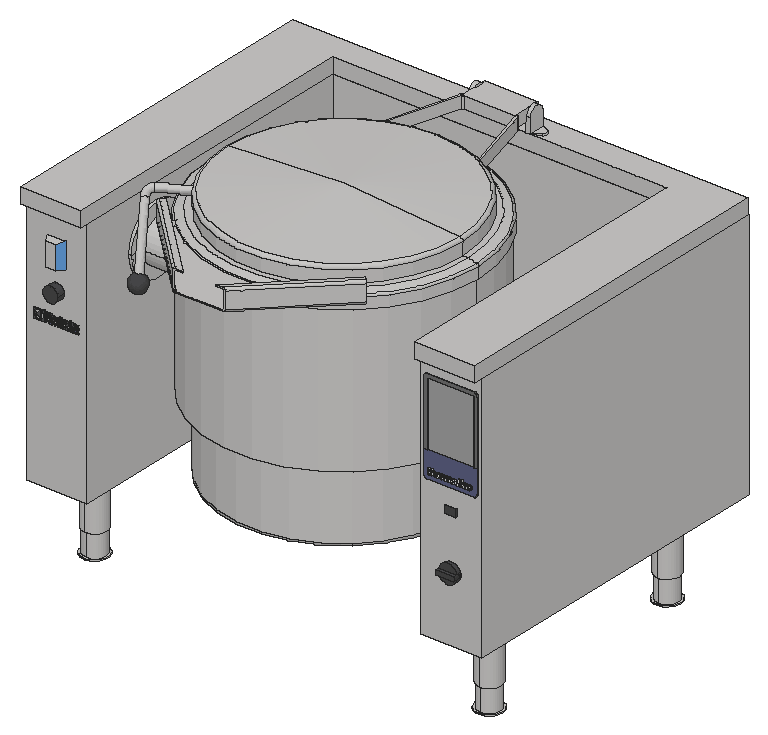
Revit family "QF_ELECTROLUXPROFESSIONAL_587102_PBOT10ECIO", category Attrezzature speciali, Revit 2020
Family settings
  Quota connettore circolare = Usa diametro
  Tipo di parte = Normale
  Basato su piano di lavoro = No
  Sempre verticale = Sì
  Taglio con vuoti quando caricato = No
  Condiviso = No
  Punto di calcolo locali = No
Parameters (values of type "Standard")
  Weight = 180.00 kg
  Watts = 18200 W
  Volts = 440 V
  URL Manufacturer = "https://www.electroluxprofessional.com/"
  URL = "https://www.electroluxprofessional.com/"
  Steam Supply Size = 0 mm
  Steam Supply Minimum Pressure = 0.0 Pa
  Steam Supply Maximum Pressure = 0.0 Pa
  Steam Consumption per Hour = 0
  Refrigeration Suction Line Size = 0.0 mm
  Refrigeration Liquid Line Size = 0.0 mm
  Refrigerant Compressor Remote = yes
  Prospetto di default = 0.0 mm
  Produttore = "Electrolux Professional"
  Phase = 3
  Modello = "PBOT10ECIO"
  Length Actual = 1200.0 mm  # constant formula
  Item Number = "587102"
  Hot Water Size = 12.7 mm
  Height Actual = 700.0 mm  # constant formula
  HP = "24.4 HP"
  Gas Size = 0 mm
  Gas KW = 0
  Gas Input Pressure = 0 W
  Direct Waste Size = 0 mm
  Descrizione = "ELECTRIC BOILING PAN,TILTING,100L,440V,FS,MARINE"
  Depth Actual = 900.0 mm  # constant formula
  Cycle = 50 Hz
  Condensate Return Size = 0 mm
  Compressed Air Volume = 0.0 L/s
  Compressed Air Size = 0 mm
  Compressed Air Pressure = 0.0 Pa
  Cold Water Size = 12.7 mm
  Accessory = yes
Reference planes
  plane 1 "Center (Front/Back)": y = 0
  plane 2: z = 0
  plane 3 "Center (Left/Right)": x = 0
  plane 4 "LEFT": x = -600
  plane 5 "RIGHT": x = 600
  plane 6 "BACK": y = 450
  plane 7 "FRONT": y = -450
  plane 8 "Base": z = 200
  plane 9 "TOP": z = 900
  plane 10: x = -440
  plane 11: x = 440
  plane 12 "Axe_PentolaY": y = -205
  plane 13 "AxePentolaZ": z = 730
  plane 14 "PLANE_TOP": z = 860
  plane 15: y = 380
  plane 16: x = -349.5
  plane 17: z = 880
  plane 18: z = 495
  plane 19: z = 280
  plane 20: x = -313.5
  plane 21: y = -610
  plane 22 "CentroPentolaY": y = -133
  plane 23 "TopCoperchio": z = 981
  plane 24 "Versamento": z = 910
  plane 25 "V1": through (-114.68, -565.5, 4000) normal (-0.7071, -0.7071, 0)
  plane 26 "V2": through (122.18, -558, 4000) normal (-0.7071, 0.7071, 0)
  plane 27 "Gfront": y = -1300
  plane 28 "LEVEL": through (-245.562, -289.383, 4000) normal (0.866, 0.5, 0)
  plane 29 "GRight": x = 250
  plane 30 "GLeft": x = -250
  plane 31 "Gback": y = -100
  plane 32: z = 1756
  plane 33 "Ribaltamento": y = -674
  plane 34: x = -520
  plane 35: x = 520
Forms (mm)
  Revolve 1, solid, material "QF_Finishes_Stainless Steel"
    sketch origin (0, 0, 730) x (-1, 0, 0) y (0, -1, 0)
      loop
        line (440, 205) -> (-440, 205) -> (-440, 115) -> (-430, 115) -> (-430, 148) -> (430, 148) -> (430, 115) -> (440, 115) -> (440, 205)
      axis (440, 205) -> (-440, 205)
    angle from 0 to 360
  Extrusion 2, solid, material "QF_Finishes_Stainless Steel"
    sketch origin (0, 0, 860) x (-1, 0, 0) y (0, -1, 0)
      loop
        line (600, 450) -> (440, 450) -> (440, -380) -> (-440, -380) -> (-440, 450) -> (-600, 450) -> (-600, -450) -> (600, -450) -> (600, 450)
    from 0 to 40
  Extrusion 3, solid, material "QF_Finishes_Stainless Steel"
    sketch origin (0, 0, 860) x (-1, 0, 0) y (0, -1, 0)
      loop
        line (440, -380) -> (-440, -380) -> (-440, -450) -> (440, -450) -> (440, -380)
    from 0 to -360
  Revolve 4, solid, material "QF_Finishes_Stainless Steel"
    sketch origin (0, -133, 0) x (-1, 0, 0) y (0, 0, 1)
      loop
        line (0, 880) -> (0, 280)
        arc (0, 280) -> (156.043, 284.842) -> (311.485, 299.356) r 2515
        arc (311.485, 299.356) -> (312.985, 302.455) -> (313.5, 305.859) r 11.5
        line (313.5, 305.859) -> (313.5, 495) -> (349.5, 495) -> (349.5, 880) -> (0, 880)
      axis (0, 880) -> (0, 280)
    angle from 0 to 360
  Revolve 5, solid, material "QF_Finishes_Stainless Steel"
    sketch origin (0, -133, 0) x (-1, 0, 0) y (0, 0, 1)
      loop
        line (354.5, 880) -> (354.5, 908.417)
        arc (354.5, 908.417) -> (353.283, 912.04) -> (350.126, 914.193) r 6
        line (350.126, 914.193) -> (329.5, 920) -> (313.5, 920) -> (313.5, 951.908)
        arc (313.5, 951.908) -> (311.001, 958.521) -> (304.753, 961.829) r 10
        arc (304.753, 961.829) -> (152.678, 976.202) -> (0, 981) r 2431.82
        line (0, 981) -> (0, 880) -> (354.5, 880)
      axis (0, 981) -> (0, 880)
    angle from 0 to 360
  Extrusion 6, solid, material "QF_Finishes_Stainless Steel"
    sketch origin (0, 0, 910) x (-1, 0, 0) y (0, -1, 0)
      loop
        line (45.557, 610) -> (-45.557, 610) -> (-263.465, 392.092) -> (-247.191, 375.819)
        arc (-247.191, 375.819) -> (0, 479.503) -> (247.191, 375.819) r 346.503
        line (247.191, 375.819) -> (263.465, 392.092) -> (45.557, 610)
    from 0 to 3
  Sweep 7, solid, material "QF_Finishes_Stainless Steel"
    path origin (0, 0, 910) x (-1, 0, 0) y (0, -1, 0)
      loop
        line (55.425, 624.755) -> (275.776, 404.404)
    profile origin (-165.6, -514.579, 910) x (-0.707107, -0.707107, 0) y (0, 0, 1)
      loop
        arc (-6, 0) -> (-1.757, 1.757) -> (0, 6) r 6
        line (0, 6) -> (0, 50)
        arc (0, 50) -> (-1.757, 54.243) -> (-6, 56) r 6
        line (-6, 56) -> (-19, 56) -> (-19, 53) -> (-6, 53)
        arc (-6, 53) -> (-3.879, 52.121) -> (-3, 50) r 3
        line (-3, 50) -> (-3, 6)
        arc (-3, 6) -> (-3.879, 3.879) -> (-6, 3) r 3
        line (-6, 3) -> (-19, 3) -> (-19, 0) -> (-6, 0)
  Sweep 8, solid, material "QF_Finishes_Stainless Steel"
    path origin (0, 0, 910) x (-1, 0, 0) y (0, -1, 0)
      loop
        line (-55.075, 625.105) -> (-275.776, 404.404)
    profile origin (165.425, -514.754, 910) x (-0.707107, 0.707107, 0) y (0, 0, 1)
      loop
        arc (0, 6) -> (1.757, 1.757) -> (6, 0) r 6
        line (6, 0) -> (19, 0) -> (19, 3) -> (6, 3)
        arc (6, 3) -> (3.879, 3.879) -> (3, 6) r 3
        line (3, 6) -> (3, 50)
        arc (3, 50) -> (3.879, 52.121) -> (6, 53) r 3
        line (6, 53) -> (19, 53) -> (19, 56) -> (6, 56)
        arc (6, 56) -> (1.757, 54.243) -> (0, 50) r 6
        line (0, 50) -> (0, 6)
  Extrusion 9, solid, material "QF_Finishes_Stainless Steel"
    sketch origin (0, 0, 0) x (0, 1, 0) y (0, 0, 1)
      loop
        line (420, 900) -> (420, 938.813)
        arc (420, 938.813) -> (400, 958.813) -> (380, 938.813) r 20
        line (380, 938.813) -> (380, 900) -> (420, 900)
    from -70 to -82
  Extrusion 10, solid, material "QF_Finishes_Stainless Steel"
    sketch origin (0, 0, 900) x (0, 1, 0) y (-1, 0, 0)
      loop
        arc (341.132, 72.4) -> (343.874, 70.425) -> (344.734, 67.158) r 5
        line (344.734, 67.158) -> (344.734, -67.158)
        arc (344.734, -67.158) -> (343.874, -70.425) -> (341.132, -72.4) r 5
        line (341.132, -72.4) -> (129.308, -133.139)
        arc (129.308, -133.139) -> (127.881, -135.914) -> (126.425, -138.673) r 294.162
        line (126.425, -138.673) -> (342.51, -77.206)
        arc (342.51, -77.206) -> (346.951, -74.535) -> (349.459, -70) r 10
        line (349.459, -70) -> (420, -70) -> (420, 70) -> (349.459, 70)
        arc (349.459, 70) -> (346.951, 74.535) -> (342.51, 77.206) r 10
        line (342.51, 77.206) -> (126.425, 138.673)
        arc (126.425, 138.673) -> (127.881, 135.914) -> (129.308, 133.139) r 294.162
        line (129.308, 133.139) -> (341.132, 72.4)
    from 23.419 to 54.644
  Extrusion 11, solid, material "QF_Finishes_Stainless Steel"
    sketch origin (0, 0, 0) x (0, 1, 0) y (0, 0, 1)
      loop
        line (420, 900) -> (420, 938.813)
        arc (420, 938.813) -> (400, 958.813) -> (380, 938.813) r 20
        line (380, 938.813) -> (380, 900) -> (420, 900)
    from 70 to 82
  Extrusion 12, solid, material "QF_Finishes_Stainless Steel"
    sketch origin (0, 0, 900) x (0, 1, 0) y (-1, 0, 0)
      loop
        arc (391.973, -103.927) -> (400, -108.689) -> (408.027, -103.927) r 9.146
        line (408.027, -103.927) -> (420, -82) -> (380, -82) -> (391.973, -103.927)
      loop
        line (391.973, 103.927) -> (380, 82) -> (420, 82) -> (408.027, 103.927)
        arc (408.027, 103.927) -> (400, 108.689) -> (391.973, 103.927) r 9.146
    from 0 to 3
  Extrusion 13, solid, material "QF_Door-Drawer Clearances", detail levels coarse
    sketch origin (0, 0, 0) x (0, 1, 0) y (0, 0, 1)
      loop
        line (-610, 916) -> (-610, 927.19)
        arc (-610, 927.19) -> (-658.178, 610.489) -> (-482.5, 342.612) r 447.893
        line (-482.5, 342.612) -> (-482.5, 880) -> (-487.5, 880) -> (-487.5, 910) -> (-605.757, 910)
        spline (-605.757, 910) -> (-606.311, 910.051) -> (-606.855, 910.204) -> (-607.381, 910.457) -> (-607.879, 910.804) -> (-608.34, 911.24) -> (-608.757, 911.757) -> (-609.123, 912.347) -> (-609.432, 913) -> (-609.677, 913.704) -> (-609.855, 914.447) -> (-609.964, 915.217) -> (-610, 916)
    from -100 to 100
  Extrusion 14, void
    sketch origin (0, 0, 910) x (-1, 0, 0) y (0, -1, 0)
      loop
        line (75, 610) -> (75, 627.601) -> (-72.504, 627.601) -> (-72.504, 610) -> (75, 610)
    from 0 to 71
  Extrusion 15, solid, material "QF_Door-Drawer Clearances", detail levels coarse
    sketch origin (0, 503.456, 621.717) x (0, 1, 0) y (0, 0, 1)
      loop
        line (-83.456, 332.927) -> (-293.85, 1134.283)
        arc (-293.85, 1134.283) -> (-817.32, 857.21) -> (-1113.456, 344.283) r 1070.86
        line (-1113.456, 344.283) -> (-899.021, 344.283)
        arc (-899.021, 344.283) -> (-633.085, 359.286) -> (-367.148, 344.283) r 2364.531
        line (-367.148, 344.283) -> (-323.456, 344.283) -> (-323.456, 332.927) -> (-83.456, 332.927)
    from -100 to 100
Cuts and joins
  Extrusion 14 cuts Extrusion 6
  Extrusion 14 cuts Sweep 7
  Extrusion 14 cuts Sweep 8
  joined: Extrusion 6, Sweep 7, Sweep 8
  Extrusion 14 cuts Extrusion 13
Lines and regions (mm)
  symbolic lines
    curve 1: line (600, 450, 900) -> (-600, 450, 900)
    curve 2: line (600, -450, 900) -> (600, 450, 900)
    curve 3: line (-600, 450, 900) -> (-600, -450, 900)
    curve 4: line (-600, -450, 900) -> (-440, -450, 900)
    curve 5: line (-440, -450, 900) -> (-440, 380, 900)
    curve 6: line (440, 380, 900) -> (440, -450, 900)
    curve 7: line (440, -450, 900) -> (600, -450, 900)
    curve 8: line (-430, -115, 900) -> (-430, -295, 900)
    curve 9: line (-430, -115, 900) -> (-440, -115, 900)
    curve 10: line (-430, -295, 900) -> (-440, -295, 900)
    curve 11: line (430, -115, 900) -> (440, -115, 900)
    curve 12: line (430, -295, 900) -> (440, -295, 900)
    curve 13: line (-70, 349.459, 900) -> (-70, 420, 900)
    curve 14: line (-82, 420, 900) -> (82, 420, 900)
    curve 15: line (70, 420, 900) -> (70, 349.459, 900)
    curve 16: line (-66.757, 345, 900) -> (66.757, 345, 900)
    curve 17: line (-70.18, -610, 900) -> (-275.776, -404.404, 900)
    curve 18: line (-275.776, -404.404, 900) -> (-249.31, -377.938, 900)
    curve 19: line (-262.341, -390.969, 900) -> (-56.745, -596.565, 900)
    curve 20: line (56.745, -596.565, 900) -> (262.341, -390.969, 900)
    curve 21: line (249.31, -377.938, 900) -> (275.776, -404.404, 900)
    curve 22: line (275.776, -404.404, 900) -> (70.18, -610, 900)
    curve 23: line (-103.927, 391.973, 900) -> (-82, 380, 900)
    curve 24: arc (-103.927, 408.027, 900) -> (-108.689, 400, 900) -> (-103.927, 391.973, 900) r 9.146
    curve 25: line (-82, 420, 900) -> (-103.927, 408.027, 900)
    curve 26: line (-82, 420, 900) -> (-82, 380, 900)
    curve 27: line (82, 380, 900) -> (82, 420, 900)
    curve 28: line (103.927, 408.027, 900) -> (82, 420, 900)
    curve 29: arc (103.927, 391.973, 900) -> (108.689, 400, 900) -> (103.927, 408.027, 900) r 9.146
    curve 30: line (82, 380, 900) -> (103.927, 391.973, 900)
    curve 36: line (-440, 380, 900) -> (-70, 380, 900)
    curve 37: line (440, 380, 900) -> (70, 380, 900)
    curve 38: line (-430, -147.761, 900) -> (-349.188, -147.761, 900)
    curve 39: line (-430, -262, 900) -> (-324.822, -262, 900)
    curve 40: line (430, -147.761, 900) -> (349.188, -147.761, 900)
    curve 60: line (430, -262, 900) -> (324.822, -262, 900)
    curve 72: arc (-296.118, -318.645, 910) -> (300.864, 44.851, 910) -> (-305.405, -302.936, 910) r 349.5
    curve 75: line (430, -295, 910) -> (430, -115, 910)
  symbolic lines, style "SpecialityEquipmentHiddenLines"
    curve 31: line (-250, -1300, 900) -> (250, -1300, 900)
    curve 32: line (-250, -100, 900) -> (-250, -1300, 900)
    curve 33: line (250, -100, 900) -> (-250, -100, 900)
    curve 34: line (250, -1300, 900) -> (250, -100, 900)
    curve 57: line (0, -1165.484, 900) -> (0, -1135.484, 900)
    curve 58: line (-15, -1150.484, 900) -> (15, -1150.484, 900)
    curve 61: arc (-72.4, 341.132, 910) -> (-70.425, 343.874, 910) -> (-67.158, 344.734, 910) r 5
    curve 62: arc (-70, 349.459, 910) -> (-74.535, 346.951, 910) -> (-77.206, 342.51, 910) r 10
    curve 63: arc (77.206, 342.51, 910) -> (74.535, 346.951, 910) -> (70, 349.459, 910) r 10
    curve 64: arc (67.158, 344.734, 910) -> (70.425, 343.874, 910) -> (72.4, 341.132, 910) r 5
    curve 70: line (-56.745, -596.565, 910) -> (-70.18, -610, 910)
    curve 71: line (56.745, -596.565, 910) -> (70.18, -610, 910)
    curve 74: line (250, -100, 910) -> (-250, -100, 910)
  symbolic lines, style "SpecialityEquipment"
    curve 35: circle (0, -1150.484, 900) r 15 normal (0, 0, 1)
    curve 41: line (210, -1300, 900) -> (210, -1100, 900)
    curve 42: line (170, -1300, 900) -> (170, -1140, 900)
    curve 43: line (130, -1300, 900) -> (130, -1180, 900)
    curve 44: line (90, -1300, 900) -> (90, -1220, 900)
    curve 45: line (90, -1260, 900) -> (250, -1260, 900)
    curve 46: line (130, -1220, 900) -> (250, -1220, 900)
    curve 47: line (170, -1180, 900) -> (250, -1180, 900)
    curve 48: line (210, -1140, 900) -> (250, -1140, 900)
    curve 49: line (-210, -1300, 900) -> (-210, -1100, 900)
    curve 50: line (-170, -1300, 900) -> (-170, -1140, 900)
    curve 51: line (-130, -1300, 900) -> (-130, -1180, 900)
    curve 52: line (-90, -1300, 900) -> (-90, -1220, 900)
    curve 53: line (-90, -1260, 900) -> (-250, -1260, 900)
    curve 54: line (-130, -1220, 900) -> (-250, -1220, 900)
    curve 55: line (-170, -1180, 900) -> (-250, -1180, 900)
    curve 56: line (-210, -1140, 900) -> (-250, -1140, 900)
    curve 59: line (-70.18, -610, 900) -> (70.18, -610, 900)
    curve 65: line (72.4, 341.132, 910) -> (133.139, 129.308, 910)
    curve 66: line (138.673, 126.425, 910) -> (77.206, 342.51, 910)
    curve 67: line (-133.139, 129.308, 910) -> (-72.4, 341.132, 910)
    curve 68: line (-77.206, 342.51, 910) -> (-138.673, 126.425, 910)
    curve 69: circle (0, -133, 910) r 294.162 normal (0, 0, -1)
    curve 73: circle (0, -133, 910) r 313.5 normal (0, 0, 1)
Dimensions and locks
  plane 4 "LEFT" to plane 5 "RIGHT" = 1200.0 mm
  equal spacing: plane 4 "LEFT", plane 3 "Center (Left/Right)", plane 5 "RIGHT"
  equal spacing: plane 6 "BACK", plane 1 "Center (Front/Back)", plane 7 "FRONT"
  plane 6 "BACK" to plane 7 "FRONT" = 900.0 mm
  plane 8 "Base" to level = 200.0 mm
  plane 9 "TOP" to level = 900.0 mm
  plane 9 "TOP" to plane 8 "Base" = 700.0 mm
  locked: plane 4 "LEFT" to plane 10 at 160
  locked: plane 11 to plane 5 "RIGHT" at 160
  locked: plane 6 "BACK" to plane 12 "Axe_PentolaY" at 655
  locked: plane 13 "AxePentolaZ" to plane 8 "Base" at 530
  locked: Revolve 1 sketch curve to Revolve 1 sketch curve at 57
  locked: Revolve 1 sketch curve to Revolve 1 sketch curve at 90
  locked: plane 10 to Revolve 1 sketch curve at 10
  locked: Revolve 1 sketch curve to plane 11 at 10
  locked: plane 9 "TOP" to plane 14 "PLANE_TOP" at 40
  plane 6 "BACK" to plane 15 = 70.0 mm
  locked: plane 17 to plane 13 "AxePentolaZ" at 150
  locked: plane 13 "AxePentolaZ" to plane 18 at 235
  locked: plane 18 to plane 19 at 215
  locked: plane 3 "Center (Left/Right)" to plane 16 at 349.5
  locked: plane 3 "Center (Left/Right)" to plane 20 at 313.5
  Revolve 5 sketch curve to plane 17 = 40.0 mm
  locked: plane 16 to Revolve 5 sketch curve at 5
  plane 6 "BACK" to plane 21 = 1060.0 mm
  locked: plane 6 "BACK" to plane 22 "CentroPentolaY" at 583
  locked: plane 23 "TopCoperchio" to plane 9 "TOP" at 81
  locked: plane 24 "Versamento" to level at 910
  plane 6 "BACK" to plane 27 "Gfront" = 1750.0 mm
  locked: plane 30 "GLeft" to plane 3 "Center (Left/Right)" at 250
  locked: plane 3 "Center (Left/Right)" to plane 29 "GRight" at 250
  plane 6 "BACK" to plane 31 "Gback" = 550.0 mm
  plane 32 to plane 9 "TOP" = 856.0 mm
  plane 6 "BACK" to plane 33 "Ribaltamento" = 1124.0 mm
  equal spacing: plane 10, plane 34, plane 4 "LEFT"
  equal spacing: plane 5 "RIGHT", plane 35, plane 11
  aligned and locked: level to plane 2
  aligned and locked: plane 5 "RIGHT" to nested 2
  aligned and locked: plane 4 "LEFT" to nested 1
  aligned and locked: plane 8 "Base" to nested 1
  aligned and locked: plane 8 "Base" to nested 2
  aligned and locked: plane 6 "BACK" to nested 2
  aligned and locked: plane 6 "BACK" to nested 1
  aligned and locked: plane 10 to Revolve 1 sketch curve
  aligned and locked: plane 11 to Revolve 1 sketch curve
  aligned and locked: plane 4 "LEFT" to Extrusion 2 sketch curve
  aligned and locked: Extrusion 2 sketch curve to plane 10
  aligned and locked: plane 7 "FRONT" to Extrusion 2 sketch curve  (x2)
  aligned and locked: Extrusion 2 sketch curve to plane 5 "RIGHT"
  aligned and locked: plane 11 to Extrusion 2 sketch curve
  aligned and locked: Extrusion 2 sketch curve to plane 6 "BACK"
  aligned and locked: plane 15 to Extrusion 2 sketch curve
  aligned and locked: Extrusion 3 sketch curve to plane 10
  aligned and locked: plane 6 "BACK" to Extrusion 3 sketch curve
  aligned and locked: plane 11 to Extrusion 3 sketch curve
  aligned and locked: Extrusion 3 sketch curve to plane 15
  aligned and locked: plane 3 "Center (Left/Right)" to Revolve 4 sketch curve
  aligned and locked: Revolve 4 sketch curve to plane 20
  aligned and locked: Revolve 4 sketch curve to plane 18
  aligned and locked: Revolve 4 sketch curve to plane 16
  aligned and locked: plane 17 to Revolve 4 sketch curve
  aligned and locked: Revolve 5 sketch curve to plane 17
  aligned and locked: Extrusion 9 sketch curve to plane 15
  aligned and locked: Extrusion 9 sketch curve to Extrusion 2
  aligned and locked: curve 31 to plane 27 "Gfront"
  aligned and locked: curve 32 to plane 30 "GLeft"
  aligned and locked: plane 29 "GRight" to curve 34
  aligned and locked: plane 31 "Gback" to curve 33
  aligned and locked: plane 34 to nested 3
  aligned and locked: plane 35 to nested 4
Automatic sketch dimensions
  plane 12 "Axe_PentolaY" to Revolve 1 sketch curve = 0.0 mm
  Revolve 1 sketch curve to plane 12 "Axe_PentolaY" = 0.0 mm
  Revolve 1 sketch curve to plane 31 "Gback" = 15.0 mm
  plane 5 "RIGHT" to Revolve 1 sketch curve = 432.098 mm
  Revolve 1 sketch curve to plane 4 "LEFT" = 580.148 mm
  Revolve 4 sketch curve to plane 3 "Center (Left/Right)" = 0.0 mm
  Revolve 4 sketch curve to plane 19 = 0.0 mm
  Revolve 4 sketch curve to plane 3 "Center (Left/Right)" = 0.059 mm
  Revolve 4 sketch curve to Revolve 4 sketch curve = 11.5 mm
  plane 19 to Revolve 4 sketch curve = 25.859 mm
  plane 32 to Revolve 4 sketch curve = 1039.0 mm
  level to Revolve 4 sketch curve = 60.0 mm
  plane 23 "TopCoperchio" to Revolve 4 sketch curve = 179.0 mm
  Extrusion 6 sketch curve to plane 21 = 0.0 mm
  Extrusion 6 sketch curve to plane 3 "Center (Left/Right)" = 0.0 mm
  Extrusion 6 sketch curve to plane 22 "CentroPentolaY" = 0.0 mm
  plane 3 "Center (Left/Right)" to Extrusion 6 sketch curve = 45.557 mm
  Extrusion 6 sketch curve to plane 29 "GRight" = 2.809 mm
  plane 29 "GRight" to Extrusion 6 sketch curve = 13.465 mm
  Extrusion 6 sketch curve to plane 3 "Center (Left/Right)" = 45.557 mm
  plane 30 "GLeft" to Extrusion 6 sketch curve = 2.809 mm
  Extrusion 6 sketch curve to plane 30 "GLeft" = 13.465 mm
  plane 7 "FRONT" to Extrusion 6 sketch curve = 74.181 mm
  plane 25 "V1" to Sweep 7 sketch curve = 0.0 mm
  Sweep 7 sketch curve to plane 25 "V1" = 0.0 mm
  Sweep 7 sketch curve to plane 21 = 14.755 mm
  Sweep 7 sketch curve to plane 30 "GLeft" = 25.776 mm
  Sweep 7 sketch curve to Sweep 7 sketch curve = 0.0 mm  (x4)
  plane 24 "Versamento" to Sweep 7 sketch curve = 0.0 mm
  Sweep 7 sketch curve to profile plane = 0.0 mm
  profile plane to Sweep 7 sketch curve = 3.0 mm
  Sweep 7 sketch curve to Sweep 7 sketch curve = 3.0 mm  (x2)
  Sweep 7 sketch curve to Sweep 7 sketch curve = 13.0 mm  (x2)
  Sweep 7 sketch curve to Sweep 7 sketch curve = 44.0 mm
  Sweep 8 sketch curve to plane 26 "V2" = 0.0 mm  (x2)
  plane 29 "GRight" to Sweep 8 sketch curve = 25.776 mm
  Sweep 8 sketch curve to plane 21 = 15.105 mm
  Sweep 8 sketch curve to Sweep 8 sketch curve = 0.0 mm  (x4)
  Sweep 8 sketch curve to profile plane = 0.0 mm
  plane 24 "Versamento" to Sweep 8 sketch curve = 0.0 mm
  Sweep 8 sketch curve to Sweep 8 sketch curve = 3.0 mm  (x2)
  Sweep 8 sketch curve to profile plane = 6.0 mm
  Sweep 8 sketch curve to Sweep 8 sketch curve = 13.0 mm  (x2)
  Sweep 8 sketch curve to Sweep 8 sketch curve = 44.0 mm
  plane 15 to Extrusion 9 sketch curve = 20.0 mm
  plane 24 "Versamento" to Extrusion 9 sketch curve = 28.813 mm
  Extrusion 10 sketch curve to Extrusion 10 sketch curve = 0.0 mm  (x6)
  Extrusion 10 sketch curve to plane 3 "Center (Left/Right)" = 0.0 mm
  Extrusion 10 sketch curve to plane 22 "CentroPentolaY" = 0.0 mm
  Extrusion 10 sketch curve to plane 1 "Center (Front/Back)" = 126.425 mm  (x2)
  Extrusion 10 sketch curve to Extrusion 10 sketch curve = 2.883 mm  (x2)
  Extrusion 10 sketch curve to plane 15 = 40.247 mm  (x2)
  Extrusion 10 sketch curve to Extrusion 10 sketch curve = 1.378 mm  (x4)
  Extrusion 10 sketch curve to Extrusion 10 sketch curve = 4.981 mm
  Extrusion 10 sketch curve to Extrusion 10 sketch curve = 4.725 mm  (x2)
  Extrusion 10 sketch curve to plane 6 "BACK" = 30.0 mm
  plane 3 "Center (Left/Right)" to Extrusion 10 sketch curve = 67.158 mm
  Extrusion 10 sketch curve to Extrusion 10 sketch curve = 0.436 mm  (x2)
  plane 3 "Center (Left/Right)" to Extrusion 10 sketch curve = 70.0 mm
  Extrusion 10 sketch curve to plane 29 "GRight" = 116.861 mm
  Extrusion 10 sketch curve to plane 3 "Center (Left/Right)" = 67.158 mm
  Extrusion 10 sketch curve to plane 3 "Center (Left/Right)" = 70.0 mm
  plane 30 "GLeft" to Extrusion 10 sketch curve = 116.861 mm
  Extrusion 11 sketch curve to plane 9 "TOP" = 0.0 mm
  Extrusion 11 sketch curve to plane 15 = 0.0 mm
  plane 15 to Extrusion 11 sketch curve = 20.0 mm
  plane 24 "Versamento" to Extrusion 11 sketch curve = 28.813 mm
  Extrusion 12 sketch curve to plane 15 = 0.0 mm  (x2)
  plane 15 to Extrusion 12 sketch curve = 11.973 mm  (x2)
  Extrusion 12 sketch curve to Extrusion 12 sketch curve = 8.027 mm  (x4)
  Extrusion 12 sketch curve to Extrusion 12 sketch curve = 11.973 mm  (x2)
  plane 3 "Center (Left/Right)" to Extrusion 12 sketch curve = 103.927 mm
  Extrusion 12 sketch curve to Extrusion 12 sketch curve = 4.383 mm  (x2)
  Extrusion 12 sketch curve to Extrusion 12 sketch curve = 21.927 mm
  Extrusion 12 sketch curve to plane 3 "Center (Left/Right)" = 82.0 mm
  Extrusion 12 sketch curve to Extrusion 12 sketch curve = 17.543 mm
  Extrusion 13 sketch curve to plane 21 = 0.0 mm
  Extrusion 13 sketch curve to plane 24 "Versamento" = 0.0 mm
  Extrusion 13 sketch curve to plane 17 = 0.0 mm
  plane 21 to Extrusion 13 sketch curve = 4.243 mm
  Extrusion 13 sketch curve to plane 7 "FRONT" = 37.5 mm
  Extrusion 13 sketch curve to Extrusion 13 sketch curve = 5.0 mm
  Extrusion 13 sketch curve to plane 12 "Axe_PentolaY" = 15.573 mm
  Extrusion 13 sketch curve to plane 13 "AxePentolaZ" = 24.067 mm
  plane 19 to Extrusion 13 sketch curve = 62.612 mm
  plane 24 "Versamento" to Extrusion 13 sketch curve = 6.0 mm
  Extrusion 14 sketch curve to plane 21 = 0.0 mm
  plane 3 "Center (Left/Right)" to Extrusion 14 sketch curve = 72.504 mm
  Extrusion 14 sketch curve to plane 21 = 17.601 mm
  Extrusion 14 sketch curve to plane 3 "Center (Left/Right)" = 75.0 mm
  Extrusion 15 sketch curve to plane 21 = 0.0 mm
  Extrusion 15 sketch curve to plane 32 = 0.0 mm
  plane 7 "FRONT" to Extrusion 15 sketch curve = 54.435 mm
  plane 22 "CentroPentolaY" to Extrusion 15 sketch curve = 3.372 mm
  Extrusion 15 sketch curve to plane 23 "TopCoperchio" = 15.0 mm
  Extrusion 15 sketch curve to plane 1 "Center (Front/Back)" = 136.308 mm
  Extrusion 15 sketch curve to Extrusion 15 sketch curve = 43.692 mm
  Extrusion 15 sketch curve to plane 6 "BACK" = 30.0 mm
  Extrusion 15 sketch curve to plane 6 "BACK" = 20.705 mm
  Extrusion 15 sketch curve to Extrusion 15 sketch curve = 11.356 mm
  Extrusion 15 sketch curve to plane 13 "AxePentolaZ" = 22.083 mm
  Extrusion 15 sketch curve to level = 1383.528 mm
  curve 61 to curve 62 = 0.0 mm  (x2)
  curve 63 to curve 64 = 0.0 mm  (x2)
  curve 69 to curve 72 = 0.0 mm  (x2)
  curve 69 to curve 73 = 0.0 mm  (x2)
  curve 72 to curve 73 = 0.0 mm  (x2)
  curve 74 to plane 29 "GRight" = 0.0 mm
  curve 71 to plane 21 = 0.0 mm
  curve 71 to plane 26 "V2" = 0.0 mm
  curve 69 to plane 3 "Center (Left/Right)" = 0.0 mm
  curve 70 to plane 21 = 0.0 mm
  plane 25 "V1" to curve 70 = 0.0 mm
  curve 74 to plane 30 "GLeft" = 0.0 mm
  curve 74 to plane 31 "Gback" = 0.0 mm
  curve 73 to plane 22 "CentroPentolaY" = 0.0 mm
  curve 66 to plane 15 = 37.49 mm
  plane 3 "Center (Left/Right)" to curve 66 = 77.206 mm
  curve 63 to curve 65 = 4.806 mm
  curve 64 to curve 64 = 4.806 mm
  curve 62 to plane 3 "Center (Left/Right)" = 67.593 mm
  curve 67 to plane 15 = 38.868 mm
  curve 61 to curve 67 = 4.806 mm
  curve 68 to plane 15 = 37.49 mm
  curve 61 to curve 68 = 4.806 mm
  curve 63 to curve 65 = 1.378 mm
  curve 67 to curve 62 = 1.378 mm
  curve 64 to curve 64 = 1.378 mm
  curve 75 to plane 11 = 10.0 mm
  curve 66 to plane 29 "GRight" = 111.327 mm
  curve 66 to curve 65 = 5.534 mm
  curve 64 to curve 63 = 2.4 mm
  curve 63 to curve 64 = 0.436 mm
  plane 21 to curve 71 = 13.435 mm
  curve 71 to curve 71 = 13.435 mm
  plane 21 to curve 70 = 13.435 mm
  curve 70 to curve 70 = 13.435 mm
  curve 61 to curve 61 = 0.436 mm
  curve 61 to curve 62 = 2.842 mm
  plane 30 "GLeft" to curve 67 = 116.861 mm
  curve 67 to curve 68 = 5.534 mm
  plane 20 to curve 72 = 17.382 mm
  plane 20 to curve 72 = 8.095 mm
  curve 67 to plane 1 "Center (Front/Back)" = 129.308 mm
  curve 75 to plane 31 "Gback" = 15.0 mm
  curve 75 to plane 12 "Axe_PentolaY" = 90.0 mm
  curve 72 to plane 12 "Axe_PentolaY" = 97.936 mm
  curve 57 to plane 3 "Center (Left/Right)" = 0.0 mm
  curve 35 to plane 3 "Center (Left/Right)" = 0.0 mm
  curve 59 to plane 21 = 0.0 mm
  curve 5 to plane 7 "FRONT" = 0.0 mm
  curve 6 to plane 7 "FRONT" = 0.0 mm
  curve 17 to plane 25 "V1" = 0.0 mm
  curve 22 to plane 26 "V2" = 0.0 mm  (x2)
  curve 12 to plane 11 = 0.0 mm
  curve 10 to plane 10 = 0.0 mm
  curve 5 to plane 15 = 0.0 mm
  curve 6 to plane 15 = 0.0 mm
  curve 2 to plane 5 "RIGHT" = 0.0 mm
  curve 2 to plane 6 "BACK" = 0.0 mm
  plane 25 "V1" to curve 59 = 0.0 mm
  curve 3 to plane 4 "LEFT" = 0.0 mm
  plane 27 "Gfront" to curve 35 = 149.516 mm
  curve 17 to plane 30 "GLeft" = 25.776 mm
  plane 29 "GRight" to curve 22 = 25.776 mm
  plane 10 to curve 8 = 10.0 mm
  curve 8 to plane 12 "Axe_PentolaY" = 90.0 mm
  curve 8 to plane 31 "Gback" = 15.0 mm
  plane 15 to curve 30 = 11.973 mm
  plane 15 to curve 23 = 11.973 mm
  curve 24 to curve 24 = 8.027 mm
  curve 29 to curve 29 = 8.027 mm
  curve 24 to curve 25 = 8.027 mm
  curve 29 to curve 28 = 8.027 mm
  curve 25 to curve 25 = 11.973 mm
  plane 3 "Center (Left/Right)" to curve 30 = 103.927 mm
  curve 28 to curve 29 = 4.383 mm
  curve 28 to curve 28 = 21.927 mm
  curve 26 to plane 3 "Center (Left/Right)" = 82.0 mm
  curve 14 to curve 24 = 17.543 mm
  curve 24 to curve 25 = 4.383 mm
  curve 31 to curve 45 = 40.0 mm
  curve 31 to curve 53 = 40.0 mm
  curve 53 to curve 52 = 40.0 mm
  curve 45 to curve 46 = 40.0 mm
  curve 54 to curve 52 = 0.0 mm
  curve 44 to curve 46 = 0.0 mm
  curve 46 to curve 43 = 40.0 mm
  curve 54 to curve 55 = 40.0 mm
  curve 43 to curve 47 = 0.0 mm
  curve 55 to curve 51 = 0.0 mm
  curve 57 to curve 35 = 15.0 mm
  curve 58 to curve 35 = 0.0 mm
  curve 47 to curve 42 = 40.0 mm
  curve 55 to curve 56 = 40.0 mm
  curve 42 to curve 48 = 0.0 mm
  curve 56 to curve 50 = 0.0 mm
  curve 56 to curve 49 = 40.0 mm
  curve 48 to curve 41 = 40.0 mm
  plane 21 to curve 20 = 13.435 mm
  plane 21 to curve 19 = 13.435 mm
  curve 19 to plane 30 "GLeft" = 12.341 mm
  plane 29 "GRight" to curve 20 = 12.341 mm
  plane 30 "GLeft" to curve 18 = 0.69 mm
  curve 21 to plane 29 "GRight" = 0.69 mm
  curve 12 to plane 11 = 10.0 mm
  curve 12 to plane 12 "Axe_PentolaY" = 90.0 mm
  curve 60 to plane 11 = 10.0 mm
  curve 12 to curve 60 = 33.0 mm
  curve 8 to curve 39 = 33.0 mm
  curve 40 to plane 22 "CentroPentolaY" = 14.761 mm
  plane 16 to curve 38 = 0.312 mm
  curve 38 to plane 22 "CentroPentolaY" = 14.761 mm
  curve 11 to plane 31 "Gback" = 15.0 mm
  curve 16 to plane 15 = 35.0 mm
  curve 16 to curve 15 = 4.459 mm
  curve 16 to curve 13 = 4.459 mm
  curve 11 to curve 11 = 10.0 mm
  curve 40 to plane 11 = 10.0 mm
  curve 40 to curve 40 = 80.812 mm
  plane 29 "GRight" to curve 60 = 74.822 mm
  curve 48 to plane 29 "GRight" = 40.0 mm
  curve 48 to curve 42 = 40.0 mm
  curve 47 to curve 43 = 40.0 mm
  curve 46 to curve 44 = 40.0 mm
  curve 14 to curve 15 = 12.0 mm
  curve 15 to curve 16 = 3.243 mm
  curve 16 to curve 23 = 15.243 mm
  curve 13 to curve 14 = 12.0 mm
  curve 53 to plane 3 "Center (Left/Right)" = 90.0 mm
  curve 52 to curve 51 = 40.0 mm
  curve 51 to curve 50 = 40.0 mm
  plane 30 "GLeft" to curve 49 = 40.0 mm
  curve 39 to plane 20 = 11.322 mm
  Revolve 5 sketch curve to plane 3 "Center (Left/Right)" = 0.0 mm  (x2)
  plane 20 to Revolve 5 sketch curve = 0.0 mm
  Revolve 5 sketch curve to plane 23 "TopCoperchio" = 0.0 mm
  Revolve 5 sketch curve to Revolve 5 sketch curve = 10.0 mm
  Revolve 5 sketch curve to plane 20 = 16.0 mm
  plane 16 to Revolve 5 sketch curve = 1.0 mm
  Revolve 5 sketch curve to plane 16 = 0.626 mm
  Revolve 5 sketch curve to level = 1450.82 mm
  Revolve 5 sketch curve to plane 24 "Versamento" = 1.583 mm
  Revolve 5 sketch curve to plane 23 "TopCoperchio" = 29.092 mm
  Revolve 5 sketch curve to plane 18 = 95.0 mm
  Revolve 5 sketch curve to Revolve 5 sketch curve = 179.0 mm
  radius of curve 73 = 313.5 mm
Nested families
  nested 1: "QF_ELECTROLUXPROFESSIONAL_PBOT900_LEFT" at (-520, 0, 0), type "QF_ELECTROLUXPROFESSIONAL_PBOT900_LEFT"
    with Body Finish QF_Finishes_Stainless Steel
  nested 2: "QF_ELECTROLUXPROFESSIONAL_PBOT900_RIGHT" at (520, 0, 0), type "QF_ELECTROLUXPROFESSIONAL_PBOT900_RIGHT"
    with Body Finish QF_Finishes_Stainless Steel
  nested 3: "QF_ELECTROLUXPROFESSIONAL_2FEET_THL_120xH200" at (-520, 0, 0), type "QF_ELECTROLUXPROFESSIONAL_2FEET_THL_120xH200"
  nested 4: "QF_ELECTROLUXPROFESSIONAL_2FEET_THL_120xH200" at (520, 0, 0), type "QF_ELECTROLUXPROFESSIONAL_2FEET_THL_120xH200"
  nested 5: "QF_ELECTROLUXPROFESSIONAL_PBOT900_LEVEL1" at (-269.073, -292.423, 940) x (0.866, 0.5, 0) z (0, 0, 1), type "QF_ELECTROLUXPROFESSIONAL_PBOT900_LEVEL1"
Connectors
  piping at (-550, 453, 395), diameter 12.7, driven by "Hot Water Size"
    settings: on nested 1, index 1, connector inside diameter 609.6 mm, connector length 0.0 mm, flow factor 0, pipe flow 0.0 L/s, pressure drop 0.0 Pa, fitting loss kfactor 0, connector angle 0.00°, fixture units 0, engagement length 0.0 mm, angle of deflection 0.00°, flow configuration 1, flow direction 1, fitting loss method 0, system type 19, joint type 0, gender type 0, connector reference index -1, connector utility 0, adjustable connector no, is connector primary yes, connector description "Hot Water Inlet"
  piping at (-490, 453, 395), diameter 12.7, driven by "Cold Water Size"
    settings: on nested 1, index 2, connector inside diameter 609.6 mm, connector length 0.0 mm, flow factor 0, pipe flow 0.0 L/s, pressure drop 0.0 Pa, fitting loss kfactor 0, connector angle 0.00°, fixture units 0, engagement length 0.0 mm, angle of deflection 0.00°, flow configuration 1, flow direction 1, fitting loss method 0, system type 20, joint type 0, gender type 0, connector reference index -1, connector utility 0, adjustable connector no, is connector primary no, connector description "Cold Water Inlet"
  electrical at (520, 450, 450), driven by "Volts"
    settings: on nested 2, index 3, voltage 440 V, apparent load 0 VA, apparent load phase1 0 VA, apparent load phase2 0 VA, apparent load phase3 0 VA, power factor 1, load classification "Other", number of poles 1, system type 30, power factor state 1, is connector primary yes, connector utility no, sub classification motor no, connector description "Electrical Connection"
Definition of nested family "QF_ELECTROLUXPROFESSIONAL_PBOT900_LEFT"
  Parameters
    Width = 160.0 mm
    Right = Width / 2  # 80.0 mm
    Default Elevation = 0.0 mm
    Left = -Width / 2  # -80.0 mm
    Htop = 40.0 mm
    Height = 900.0 mm
    HW_CW_y = 312.0 mm
    HW_CW_Border = 50.0 mm
    HBase = 200.0 mm
    Depth = 900.0 mm
    BorderFront = 20.0 mm
    Body Finish [instance] = none
  Reference planes
    plane 1 "Center (Front/Back)": y = 0
    plane 2: z = 0
    plane 3 "Center (Left/Right)": x = 0
    plane 4 "LEFT": x = -80
    plane 5 "RIGHT": x = 80
    plane 6 "BACK": y = 450
    plane 7 "FRONT": y = -450
    plane 8 "TRAYSLIDER": y = -811.8
    plane 9 "Base": z = 200
    plane 10 "TOP": z = 900
    plane 11 "BorderFront": y = -430
    plane 12: z = 860
    plane 13 "HW_CW": y = 138
    plane 14: x = -30
    plane 15: x = 30
  Forms (mm)
    Extrusion 1, solid
      sketch origin (0, 0, 0) x (1, 0, 0) y (0, 1, 0)
        loop
          line (-80, 450) -> (-80, -430) -> (80, -430) -> (80, 450) -> (-80, 450)
      from 860 to 200
    Extrusion 2, solid
      sketch origin (-1.5, -430, 0) x (-1, 0, 0) y (0, 0, 1)
        loop
          circle (-1.5, 673.484) r 20
      from 0 to -20
    Extrusion 3, solid, material <- "Body Finish"
      sketch origin (0, 450, 0) x (-1, 0, 0) y (0, 0, 1)
        loop
          circle (30, 395) r 6.35
        loop
          circle (-30, 395) r 6.35
      from 3 to 0
    Blend 4, solid, material <- "Body Finish"
      base sketch origin (0, -430, -0.233) x (-1, 0, 0) y (0, 0, 1)
        loop
          line (23.5, 800.233) -> (-23.5, 800.233) -> (-23.5, 733.433) -> (23.5, 733.433) -> (23.5, 800.233)
      top sketch origin (0, -430, -0.233) x (-1, 0, 0) y (0, 0, 1)
        loop
          line (13.448, 797.45) -> (-13.448, 797.45) -> (-13.448, 736.216) -> (13.448, 736.216) -> (13.448, 797.45)
      from 0 to -20
    Extrusion 5, solid
      sketch origin (-12.54, -430, 23) x (-1, 0, 0) y (0, 0, 1)
        loop
          line (5.327, 593.058) -> (5.327, 590.846) -> (11.437, 590.846) -> (11.437, 587.616) -> (5.692, 587.616) -> (5.692, 585.398) -> (11.437, 585.398) -> (11.437, 583.444)
          arc (11.437, 583.444) -> (10.839, 582.088) -> (9.435, 581.614) r 1.838
          line (9.435, 581.614) -> (5.163, 581.614) -> (5.163, 579.403) -> (9.986, 579.403)
          arc (9.986, 579.403) -> (12.674, 580.517) -> (13.788, 583.205) r 3.802
          line (13.788, 583.205) -> (13.788, 593.058) -> (5.327, 593.058)
        loop
          line (3.492, 593.058) -> (1.141, 593.058) -> (1.141, 579.403) -> (3.492, 579.403) -> (3.492, 593.058)
        loop
          line (-47.588, 593.058) -> (-49.941, 593.058) -> (-49.941, 579.403) -> (-47.588, 579.403) -> (-47.588, 593.058)
        loop
          arc (-2.749, 583.764) -> (-3.194, 582.272) -> (-4.489, 581.409) r 2.29
          arc (-4.489, 581.409) -> (-6.614, 581.225) -> (-8.443, 582.322) r 3.458
          line (-8.443, 582.322) -> (-9.836, 580.928)
          arc (-9.836, 580.928) -> (-7.685, 579.48) -> (-5.119, 579.102) r 5.86
          arc (-5.119, 579.102) -> (-1.823, 580.467) -> (-0.457, 583.764) r 4.662
          arc (-0.457, 583.764) -> (-1.495, 587.706) -> (-5.131, 589.55) r 4.976
          arc (-5.131, 589.55) -> (-9.259, 588.004) -> (-10.466, 583.764) r 4.89
          line (-10.466, 583.764) -> (-2.749, 583.764)
        loop
          arc (-2.808, 585.417) -> (-3.843, 587.066) -> (-5.727, 587.557) r 2.64
          arc (-5.727, 587.557) -> (-7.36, 586.981) -> (-8.104, 585.417) r 2.256
          line (-8.104, 585.417) -> (-2.808, 585.417)
        loop
          arc (-19.634, 586.402) -> (-17.741, 587.437) -> (-15.609, 587.112) r 3.369
          arc (-15.609, 587.112) -> (-14.276, 585.699) -> (-14.118, 583.764) r 2.933
          arc (-14.118, 583.764) -> (-16.389, 581.316) -> (-19.559, 582.365) r 3.088
          line (-19.559, 582.365) -> (-21.028, 580.896)
          arc (-21.028, 580.896) -> (-14.811, 579.611) -> (-11.775, 585.186) r 5.33
          arc (-11.775, 585.186) -> (-13.576, 588.365) -> (-17.009, 589.62) r 5.293
          arc (-17.009, 589.62) -> (-19.259, 589.219) -> (-21.111, 587.878) r 5.117
          line (-21.111, 587.878) -> (-19.634, 586.402)
        loop
          line (-22.556, 593.058) -> (-24.908, 593.058) -> (-24.908, 589.279) -> (-27.044, 589.279) -> (-27.044, 587.143) -> (-24.908, 587.143) -> (-24.908, 583.764)
          arc (-24.908, 583.764) -> (-25.11, 582.682) -> (-25.866, 581.883) r 1.949
          arc (-25.866, 581.883) -> (-26.455, 581.649) -> (-27.088, 581.601) r 2.118
          line (-27.088, 581.601) -> (-27.088, 579.397)
          arc (-27.088, 579.397) -> (-24.962, 579.678) -> (-23.283, 581.013) r 4.018
          arc (-23.283, 581.013) -> (-22.759, 582.327) -> (-22.556, 583.727) r 6.031
          line (-22.556, 583.727) -> (-22.556, 593.058)
        loop
          line (-31.355, 584.595) -> (-31.355, 579.403) -> (-29.023, 579.403) -> (-29.023, 589.279) -> (-31.355, 589.279) -> (-31.355, 587.855)
          arc (-31.355, 587.855) -> (-32.932, 589.208) -> (-35.001, 589.403) r 3.432
          line (-35.001, 589.403) -> (-35.001, 587.143)
          arc (-35.001, 587.143) -> (-33.417, 587.175) -> (-32.009, 586.452) r 3.231
          arc (-32.009, 586.452) -> (-31.523, 585.579) -> (-31.355, 584.595) r 2.967
        loop
          circle (-40.752, 584.339) r 5.233
        loop
          circle (-40.752, 584.339) r 3.172
        loop
          line (-58.424, 583.516) -> (-58.424, 589.279) -> (-60.794, 589.279) -> (-60.794, 583.417)
          arc (-60.794, 583.417) -> (-59.481, 580.276) -> (-56.268, 579.153) r 4.181
          arc (-56.268, 579.153) -> (-53.09, 580.243) -> (-51.74, 583.32) r 4.181
          line (-51.74, 583.32) -> (-51.74, 589.279) -> (-54.111, 589.279) -> (-54.111, 583.516)
          arc (-54.111, 583.516) -> (-54.692, 581.919) -> (-56.268, 581.283) r 2.088
          arc (-56.268, 581.283) -> (-57.843, 581.919) -> (-58.424, 583.516) r 2.088
        loop
          line (-62.216, 589.279) -> (-64.76, 589.279) -> (-66.89, 586.347) -> (-69.053, 589.279) -> (-71.621, 589.279) -> (-68.238, 584.695) -> (-71.937, 579.4) -> (-69.425, 579.4) -> (-66.898, 582.879) -> (-64.408, 579.4) -> (-61.879, 579.4) -> (-65.631, 584.642) -> (-62.216, 589.279)
        loop
          arc (12.465, 573.743) -> (10.91, 572.325) -> (12.18, 570.647) r 1.561
          line (12.18, 570.647) -> (13.314, 570.647) -> (13.314, 569.021) -> (14.34, 569.021) -> (14.34, 573.743) -> (12.465, 573.743)
        loop
          line (12.224, 571.575) -> (13.314, 571.575) -> (13.314, 572.789) -> (12.224, 572.789)
          arc (12.224, 572.789) -> (11.836, 572.182) -> (12.224, 571.575) r 0.668
        loop
          arc (5.055, 573.743) -> (3.966, 573.299) -> (3.497, 572.221) r 1.559
          arc (3.497, 572.221) -> (3.646, 571.544) -> (4.091, 571.012) r 1.458
          line (4.091, 571.012) -> (3.163, 569.021) -> (4.265, 569.021) -> (4.944, 570.647) -> (5.937, 570.647) -> (5.937, 569.021) -> (6.963, 569.021) -> (6.963, 573.743) -> (5.055, 573.743)
        loop
          line (5.937, 572.789) -> (4.847, 572.789)
          arc (4.847, 572.789) -> (4.459, 572.182) -> (4.847, 571.575) r 0.668
          line (4.847, 571.575) -> (5.937, 571.575) -> (5.937, 572.789)
        loop
          circle (-2.866, 571.382) r 2.453
        loop
          circle (-2.866, 571.382) r 1.557
        loop
          line (-9.35, 573.743) -> (-12.299, 573.743) -> (-12.299, 572.725) -> (-10.352, 572.725) -> (-10.352, 571.729) -> (-12.129, 571.729) -> (-12.129, 570.671) -> (-10.352, 570.671) -> (-10.352, 569.021) -> (-9.35, 569.021) -> (-9.35, 573.743)
        loop
          line (-16.282, 573.743) -> (-19.27, 573.743) -> (-19.27, 572.851) -> (-17.252, 572.851) -> (-17.252, 571.921) -> (-19.139, 571.921) -> (-19.139, 571.029) -> (-17.252, 571.029)
          arc (-17.252, 571.029) -> (-17.355, 570.353) -> (-17.883, 569.916) r 0.961
          line (-17.883, 569.916) -> (-19.316, 569.916) -> (-19.316, 569.024) -> (-17.792, 569.024)
          arc (-17.792, 569.024) -> (-16.717, 569.474) -> (-16.282, 570.555) r 1.51
          line (-16.282, 570.555) -> (-16.282, 573.743)
        loop
          line (-33.381, 573.145) -> (-32.842, 572.436)
          arc (-32.842, 572.436) -> (-32.43, 572.802) -> (-31.895, 572.931) r 1.135
          arc (-31.895, 572.931) -> (-31.448, 572.574) -> (-31.757, 572.093) r 0.427
          arc (-31.757, 572.093) -> (-32.293, 571.892) -> (-32.815, 571.659) r 9.371
          arc (-32.815, 571.659) -> (-33.228, 571.39) -> (-33.551, 571.017) r 1.779
          arc (-33.551, 571.017) -> (-33.7, 570.209) -> (-33.41, 569.439) r 1.535
          arc (-33.41, 569.439) -> (-32.755, 569.091) -> (-32.028, 568.946) r 2.556
          arc (-32.028, 568.946) -> (-31.439, 569.005) -> (-30.895, 569.238) r 1.957
          arc (-30.895, 569.238) -> (-30.416, 569.671) -> (-30.118, 570.245) r 1.815
          line (-30.118, 570.245) -> (-30.944, 570.63)
          arc (-30.944, 570.63) -> (-31.179, 570.219) -> (-31.563, 569.943) r 1.118
          arc (-31.563, 569.943) -> (-32.007, 569.83) -> (-32.453, 569.935) r 0.963
          arc (-32.453, 569.935) -> (-32.693, 570.417) -> (-32.345, 570.828) r 0.489
          arc (-32.345, 570.828) -> (-31.793, 571.095) -> (-31.211, 571.289) r 4.78
          arc (-31.211, 571.289) -> (-30.52, 572.116) -> (-30.631, 573.188) r 1.385
          arc (-30.631, 573.188) -> (-31.232, 573.642) -> (-31.964, 573.821) r 1.872
          arc (-31.964, 573.821) -> (-32.756, 573.658) -> (-33.381, 573.145) r 1.69
        loop
          line (-37.714, 573.743) -> (-38.684, 573.743) -> (-38.684, 569.024) -> (-37.714, 569.024) -> (-37.714, 573.743)
        loop
          circle (-45.226, 571.384) r 1.468
        loop
          circle (-45.226, 571.384) r 2.451
        loop
          line (-51.736, 569.024) -> (-51.736, 573.743) -> (-52.679, 573.743) -> (-54.838, 570.686) -> (-54.838, 573.743) -> (-55.818, 573.743) -> (-55.818, 569.024) -> (-54.875, 569.024) -> (-52.716, 571.991) -> (-52.716, 569.024) -> (-51.736, 569.024)
        loop
          line (-60.71, 569.024) -> (-59.668, 569.024) -> (-61.514, 573.743) -> (-62.424, 573.743) -> (-64.417, 569.024) -> (-63.375, 569.024) -> (-62.915, 570.042) -> (-61.17, 570.042) -> (-60.71, 569.024)
        loop
          line (-62.48, 571.01) -> (-61.558, 571.01) -> (-62.012, 572.047) -> (-62.48, 571.01)
        loop
          line (-69.237, 569.916) -> (-71.051, 569.916) -> (-71.051, 569.024) -> (-68.266, 569.024) -> (-68.266, 573.743) -> (-69.237, 573.743) -> (-69.237, 569.916)
        loop
          line (-26.307, 573.145) -> (-25.768, 572.436)
          arc (-25.768, 572.436) -> (-25.356, 572.802) -> (-24.821, 572.931) r 1.135
          arc (-24.821, 572.931) -> (-24.373, 572.574) -> (-24.683, 572.093) r 0.427
          arc (-24.683, 572.093) -> (-25.218, 571.892) -> (-25.74, 571.659) r 9.371
          arc (-25.74, 571.659) -> (-26.153, 571.39) -> (-26.476, 571.017) r 1.779
          arc (-26.476, 571.017) -> (-26.625, 570.209) -> (-26.336, 569.439) r 1.535
          arc (-26.336, 569.439) -> (-25.681, 569.091) -> (-24.953, 568.946) r 2.556
          arc (-24.953, 568.946) -> (-24.365, 569.005) -> (-23.821, 569.238) r 1.957
          arc (-23.821, 569.238) -> (-23.341, 569.671) -> (-23.044, 570.245) r 1.815
          line (-23.044, 570.245) -> (-23.87, 570.63)
          arc (-23.87, 570.63) -> (-24.105, 570.219) -> (-24.488, 569.943) r 1.118
          arc (-24.488, 569.943) -> (-24.933, 569.83) -> (-25.379, 569.935) r 0.963
          arc (-25.379, 569.935) -> (-25.619, 570.417) -> (-25.27, 570.828) r 0.489
          arc (-25.27, 570.828) -> (-24.718, 571.095) -> (-24.137, 571.289) r 4.78
          arc (-24.137, 571.289) -> (-23.445, 572.116) -> (-23.556, 573.188) r 1.385
          arc (-23.556, 573.188) -> (-24.158, 573.642) -> (-24.889, 573.821) r 1.872
          arc (-24.889, 573.821) -> (-25.681, 573.658) -> (-26.307, 573.145) r 1.69
        loop
          arc (28.462, 593.245) -> (19.282, 580.828) -> (28.462, 568.412) r 12.987
          line (28.462, 568.412) -> (28.462, 593.245)
        loop
          line (29.418, 593.324) -> (29.418, 591.35)
          arc (29.418, 591.35) -> (32.835, 584.89) -> (39.417, 581.715) r 11.707
          line (39.417, 581.715) -> (45.017, 581.715)
          arc (45.017, 581.715) -> (39.886, 591.105) -> (29.418, 593.324) r 12.809
        loop
          line (29.725, 570.21) -> (29.725, 568.093)
          arc (29.725, 568.093) -> (40.061, 570.682) -> (45.028, 580.108) r 13.06
          line (45.028, 580.108) -> (40.92, 580.108)
          arc (40.92, 580.108) -> (33.58, 577.129) -> (29.725, 570.21) r 11.93
        loop
          line (45.971, 594.6) -> (18.333, 594.6) -> (18.333, 567) -> (45.971, 567) -> (45.971, 594.6)
      from -1.6 to 0
    Extrusion 6, solid
      sketch origin (0, 0, 200) x (0, 1, 0) y (-1, 0, 0)
        loop
          circle (138, 30) r 5
        loop
          circle (138, -30) r 5
      from 0 to -3
  Lines and regions (mm)
    symbolic lines
      curve 1: line (80, 450, 0) -> (-80, 450, 0)
      curve 2: line (-80, 450, 0) -> (-80, -430, 0)
  Dimensions and locks
    "Width": plane 4 "LEFT" to plane 5 "RIGHT"
    equal spacing: plane 4 "LEFT", plane 3 "Center (Left/Right)", plane 5 "RIGHT"
    equal spacing: plane 6 "BACK", plane 1 "Center (Front/Back)", plane 7 "FRONT"
    "Depth": plane 6 "BACK" to plane 7 "FRONT"
    "BorderFront": plane 11 "BorderFront" to plane 7 "FRONT"
    "Htop": plane 10 "TOP" to plane 12
    "Height": plane 10 "TOP" to level
    "HBase": plane 9 "Base" to level
    "HW_CW_y": plane 6 "BACK" to plane 13 "HW_CW"
    "HW_CW_Border": plane 4 "LEFT" to plane 14
    "HW_CW_Border": plane 15 to plane 5 "RIGHT"
    aligned and locked: level to plane 2
    aligned and locked: plane 11 "BorderFront" to Extrusion 1 sketch curve
    aligned and locked: plane 12 to Extrusion 1
    aligned and locked: Extrusion 1 to plane 9 "Base"
    aligned and locked: plane 4 "LEFT" to Extrusion 1 sketch curve
    aligned and locked: Extrusion 1 sketch curve to plane 5 "RIGHT"
    aligned and locked: Extrusion 1 sketch curve to plane 6 "BACK"
  Automatic sketch dimensions
    curve 2 to plane 4 "LEFT" = 0.0 mm
    curve 1 to plane 5 "RIGHT" = 0.0 mm
    curve 2 to plane 11 "BorderFront" = 0.0 mm
    curve 2 to plane 6 "BACK" = 0.0 mm
    Extrusion 2 sketch curve to plane 3 "Center (Left/Right)" = 0.0 mm
    Extrusion 2 sketch curve to plane 12 = 186.516 mm
    plane 3 "Center (Left/Right)" to Extrusion 3 sketch curve = 30.0 mm
    Extrusion 3 sketch curve to plane 3 "Center (Left/Right)" = 30.0 mm
    plane 9 "Base" to Extrusion 3 sketch curve = 195.0 mm
    Extrusion 3 sketch curve to Extrusion 3 sketch curve = 0.0 mm
    plane 3 "Center (Left/Right)" to Blend 4 sketch curve = 23.5 mm
    Blend 4 sketch curve to plane 3 "Center (Left/Right)" = 23.5 mm
    Blend 4 sketch curve to plane 12 = 126.8 mm
    Blend 4 sketch curve to plane 12 = 60.0 mm
    plane 3 "Center (Left/Right)" to Blend 4 sketch curve = 13.448 mm
    Blend 4 sketch curve to plane 3 "Center (Left/Right)" = 13.448 mm
    Blend 4 sketch curve to plane 12 = 124.017 mm
    Blend 4 sketch curve to Blend 4 sketch curve = 61.233 mm
    Extrusion 5 sketch curve to Extrusion 5 sketch curve = 0.0 mm  (x33)
    Extrusion 5 sketch curve to plane 10 "TOP" = 297.6 mm  (x2)
    Extrusion 5 sketch curve to plane 5 "RIGHT" = 20.603 mm
    Extrusion 5 sketch curve to plane 10 "TOP" = 287.721 mm  (x2)
    Extrusion 5 sketch curve to Extrusion 5 sketch curve = 0.317 mm
    Extrusion 5 sketch curve to Extrusion 5 sketch curve = 0.886 mm
    Extrusion 5 sketch curve to Extrusion 5 sketch curve = 2.512 mm
    Extrusion 5 sketch curve to Extrusion 5 sketch curve = 1.815 mm
    Extrusion 5 sketch curve to Extrusion 5 sketch curve = 2.567 mm
    Extrusion 5 sketch curve to Extrusion 5 sketch curve = 0.97 mm  (x3)
    Extrusion 5 sketch curve to plane 10 "TOP" = 292.305 mm
    Extrusion 5 sketch curve to Extrusion 5 sketch curve = 0.815 mm  (x2)
    Extrusion 5 sketch curve to plane 10 "TOP" = 294.121 mm
    Extrusion 5 sketch curve to Extrusion 5 sketch curve = 1.341 mm
    Extrusion 5 sketch curve to plane 10 "TOP" = 290.653 mm
    Extrusion 5 sketch curve to Extrusion 5 sketch curve = 1.348 mm
    Extrusion 5 sketch curve to plane 10 "TOP" = 292.358 mm
    Extrusion 5 sketch curve to Extrusion 5 sketch curve = 1.259 mm
    Extrusion 5 sketch curve to Extrusion 5 sketch curve = 2.13 mm
    Extrusion 5 sketch curve to Extrusion 5 sketch curve = 3.849 mm
    Extrusion 5 sketch curve to Extrusion 5 sketch curve = 2.49 mm
    Extrusion 5 sketch curve to plane 10 "TOP" = 307.976 mm  (x2)
    Extrusion 5 sketch curve to Extrusion 5 sketch curve = 1.043 mm
    Extrusion 5 sketch curve to plane 10 "TOP" = 306.958 mm
    Extrusion 5 sketch curve to Extrusion 5 sketch curve = 0.46 mm  (x2)
    Extrusion 5 sketch curve to plane 10 "TOP" = 305.99 mm
    Extrusion 5 sketch curve to Extrusion 5 sketch curve = 0.435 mm  (x3)
    Extrusion 5 sketch curve to plane 10 "TOP" = 303.257 mm  (x2)
    Extrusion 5 sketch curve to Extrusion 5 sketch curve = 0.055 mm  (x2)
    Extrusion 5 sketch curve to Extrusion 5 sketch curve = 2.544 mm
    Extrusion 5 sketch curve to plane 10 "TOP" = 304.953 mm
    Extrusion 5 sketch curve to Extrusion 5 sketch curve = 0.468 mm
    Extrusion 5 sketch curve to Extrusion 5 sketch curve = 2.528 mm
    Extrusion 5 sketch curve to Extrusion 5 sketch curve = 0.922 mm
    Extrusion 5 sketch curve to Extrusion 5 sketch curve = 0.91 mm
    Extrusion 5 sketch curve to Extrusion 5 sketch curve = 0.388 mm
    Extrusion 5 sketch curve to Extrusion 5 sketch curve = 1.422 mm
    Extrusion 5 sketch curve to Extrusion 5 sketch curve = 1.042 mm
    Extrusion 5 sketch curve to Extrusion 5 sketch curve = 2.371 mm
    Extrusion 5 sketch curve to Extrusion 5 sketch curve = 1.809 mm  (x2)
    Extrusion 5 sketch curve to Extrusion 5 sketch curve = 0.273 mm  (x2)
    Extrusion 5 sketch curve to Extrusion 5 sketch curve = 0.147 mm
    Extrusion 5 sketch curve to Extrusion 5 sketch curve = 5.696 mm
    Extrusion 5 sketch curve to Extrusion 5 sketch curve = 0.943 mm
    Extrusion 5 sketch curve to Extrusion 5 sketch curve = 0.037 mm  (x2)
    Extrusion 5 sketch curve to plane 10 "TOP" = 305.009 mm
    Extrusion 5 sketch curve to Extrusion 5 sketch curve = 2.122 mm
    Extrusion 5 sketch curve to Extrusion 5 sketch curve = 2.372 mm
    Extrusion 5 sketch curve to Extrusion 5 sketch curve = 0.944 mm
    Extrusion 5 sketch curve to Extrusion 5 sketch curve = 1.799 mm
    Extrusion 5 sketch curve to Extrusion 5 sketch curve = 2.353 mm
    Extrusion 5 sketch curve to Extrusion 5 sketch curve = 6.509 mm
    Extrusion 5 sketch curve to Extrusion 5 sketch curve = 6.836 mm
    Extrusion 5 sketch curve to Extrusion 5 sketch curve = 2.068 mm
    Extrusion 5 sketch curve to Extrusion 5 sketch curve = 5.751 mm
    Extrusion 5 sketch curve to Extrusion 5 sketch curve = 0.679 mm
    Extrusion 5 sketch curve to Extrusion 5 sketch curve = 0.728 mm
    Extrusion 5 sketch curve to Extrusion 5 sketch curve = 0.178 mm
    Extrusion 5 sketch curve to Extrusion 5 sketch curve = 4.332 mm
    Extrusion 5 sketch curve to plane 10 "TOP" = 304.564 mm  (x2)
    Extrusion 5 sketch curve to Extrusion 5 sketch curve = 0.539 mm  (x2)
    Extrusion 5 sketch curve to Extrusion 5 sketch curve = 0.634 mm  (x2)
    Extrusion 5 sketch curve to Extrusion 5 sketch curve = 0.036 mm  (x2)
    Extrusion 5 sketch curve to Extrusion 5 sketch curve = 0.114 mm  (x2)
    Extrusion 5 sketch curve to Extrusion 5 sketch curve = 0.807 mm  (x2)
    Extrusion 5 sketch curve to Extrusion 5 sketch curve = 0.007 mm  (x2)
    Extrusion 5 sketch curve to Extrusion 5 sketch curve = 0.156 mm  (x2)
    Extrusion 5 sketch curve to Extrusion 5 sketch curve = 0.005 mm  (x2)
    Extrusion 5 sketch curve to Extrusion 5 sketch curve = 0.083 mm  (x2)
    Extrusion 5 sketch curve to Extrusion 5 sketch curve = 0.13 mm  (x4)
    Extrusion 5 sketch curve to Extrusion 5 sketch curve = 0.009 mm  (x2)
    Extrusion 5 sketch curve to Extrusion 5 sketch curve = 0.159 mm  (x2)
    Extrusion 5 sketch curve to Extrusion 5 sketch curve = 0.075 mm  (x2)
    Extrusion 5 sketch curve to Extrusion 5 sketch curve = 0.025 mm  (x2)
    Extrusion 5 sketch curve to Extrusion 5 sketch curve = 2.918 mm
    Extrusion 5 sketch curve to Extrusion 5 sketch curve = 2.789 mm
    Extrusion 5 sketch curve to plane 10 "TOP" = 306.37 mm  (x2)
    Extrusion 5 sketch curve to Extrusion 5 sketch curve = 0.908 mm  (x2)
    Extrusion 5 sketch curve to plane 10 "TOP" = 306.755 mm  (x2)
    Extrusion 5 sketch curve to Extrusion 5 sketch curve = 0.826 mm  (x2)
    Extrusion 5 sketch curve to Extrusion 5 sketch curve = 0.126 mm  (x3)
    Extrusion 5 sketch curve to Extrusion 5 sketch curve = 2.333 mm
    Extrusion 5 sketch curve to Extrusion 5 sketch curve = 1.257 mm  (x2)
    Extrusion 5 sketch curve to Extrusion 5 sketch curve = 2.771 mm
    Extrusion 5 sketch curve to Extrusion 5 sketch curve = 1.497 mm
    Extrusion 5 sketch curve to Extrusion 5 sketch curve = 1.979 mm
    Extrusion 5 sketch curve to Extrusion 5 sketch curve = 1.653 mm
    Extrusion 5 sketch curve to Extrusion 5 sketch curve = 0.085 mm
    Extrusion 5 sketch curve to Extrusion 5 sketch curve = 0.315 mm
    Extrusion 5 sketch curve to Extrusion 5 sketch curve = 3.811 mm
    Extrusion 5 sketch curve to Extrusion 5 sketch curve = 2.136 mm  (x2)
    Extrusion 5 sketch curve to Extrusion 5 sketch curve = 2.352 mm  (x2)
    Extrusion 5 sketch curve to plane 10 "TOP" = 289.122 mm
    Extrusion 5 sketch curve to Extrusion 5 sketch curve = 3.797 mm
    Extrusion 5 sketch curve to plane 10 "TOP" = 296.104 mm
    Extrusion 5 sketch curve to Extrusion 5 sketch curve = 1.528 mm
